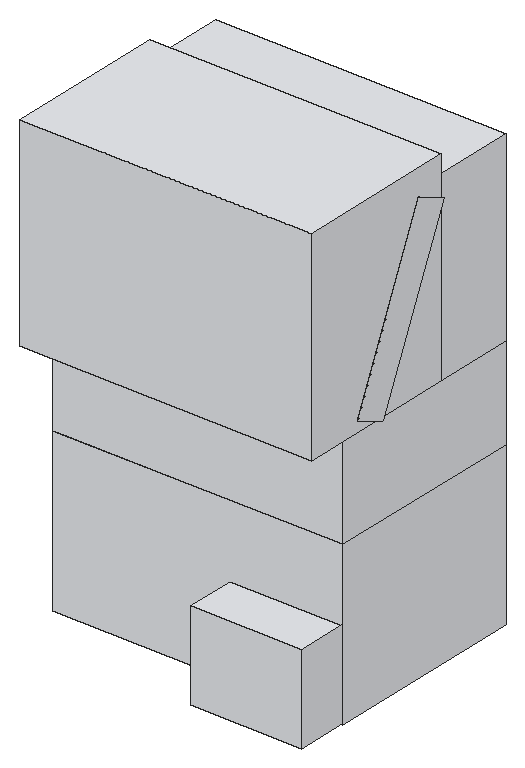
Revit family "cAssembly-Unico-M_Series-Vertical-Blower+Return-Down-Flow", category Mechanical Equipment, Revit 2020
Family settings
  Round Connector Dimension = Use Diameter
  Classification = None
  Part Type = Normal
  OmniClass Number = 23.75.70.00
  OmniClass Title = HVAC Distribution Devices
  Work Plane-Based = No
  Always vertical = Yes
  Cut with Voids When Loaded = No
  Shared = No
  Room Calculation Point = No
Parameters (values of type "M2430")
  Water Outlet Diameter = size_lookup(C LUT Cooling, "WCD", 1", Constraints)  # 7/8"
  Water Inlet Diameter = size_lookup(C LUT Cooling, "WCD", 1", Constraints)  # 7/8"
  Warranty URL = "https://www.unicosystem.com/wp-content/uploads/2022/08/Bulletin-10-010.pdf"
  Voltage [instance] = 208 V
  Video Link = "https://www.youtube.com/watch?v=aUAUzyZZRxY&themeRefresh=1"
  Vertical Downflow Conversio Kit Depth = size_lookup(C LUT VDC, "Depth", 1", Constraints)  # 7"
  Vertical Conversion Kit Height = size_lookup(C LUT VC, "Height", 1", Constraints)  # 8"
  Version = "2020 - v1.0a"  # constant formula
  URL = "https://www.unicosystem.com/"
  Support Phone [instance] = "(224) 699-9545"  # constant formula
  Support Email [instance] = "support@bimsmith.com"
  Return Module Height = size_lookup(C LUT RM, "Height", 1", Constraints)  # 13.96"
  Return Connection Length = (size_lookup(C LUT Return, "C", 1", Constraints)) + 1 1/2"  # 13"
  Product Page URL = "https://shop.unicosystem.com/indoor-units/modular-blowers"
  Product Documentation Link = ""
  Power Factor = 1  # constant formula
  Performance URL = "https://www.unicosystem.com/literature-media/"
  Optional Condensate Trap [instance] = yes
  Number of Poles = 1  # constant formula
  Model = size_lookup(C LUT Blower, "Model", "N/A", Constraints)  # "N/A"
  Manufacturer Phone Number = "314-481-9000"  # constant formula
  Manufacturer Fax Number = "314-457-9000"  # constant formula
  Manufacturer Email = "https://www.unicosystem.com/customer-%20support/"
  Manufacturer Address = "1120 Intagliata Drive Arnold, MO 63010"  # constant formula
  Manufacturer = "Unico, Inc."  # constant formula
  Load Classification = HVAC
  Keynote = "23 30 00"
  Instruction Sheet Link = "https://www.unicosystem.com/wp-content/uploads/2024/01/Bulletin-30-020.pdf"
  Inlet Connection Width = size_lookup(C LUT Blower, "Inlet Width", 1", Constraints)  # 23"
  Inlet Connection Height = size_lookup(C LUT Blower, "Inlet Height", 1", Constraints)  # 15 1/2"
  Frequency = 60 Hz  # constant formula
  Finish = Metal - Unico - Silver
  Duct Connection Diameter = size_lookup(C LUT Return, "DD", 1", Constraints)  # 14"
  Drain Connection Diameter = size_lookup(C LUT Cooling, "DD", 1", Constraints)  # 3/4"
  Description = "Blower Module"  # constant formula
  Default Elevation = 0"
  Copyright = "© 2022 The Unico System. All rights reserved."  # constant formula
  Cooling Module Width = size_lookup(C LUT Cooling, "Width", 1", Constraints)  # 13 3/4"
  Cooling Module Length = size_lookup(C LUT Cooling, "Length", 1", Constraints)  # 25"
  Cooling Module Height = size_lookup(C LUT Cooling, "Height", 1", Constraints)  # 17 1/2"
  Constraints = 2
  C VC Mid Depth = Blower Height / 2  # 8 3/4"
  C LUT VDC = "Size-VDC"  # constant formula
  C LUT VC = "Size-VC"  # constant formula
  C LUT Return = "Size-RC"  # constant formula
  C LUT RM = "Size-RM"  # constant formula
  C LUT Cooling = "Size-CM"  # constant formula
  C LUT Blower = "Size-Unico"  # constant formula
  C Drain Pan = 0"  # constant formula
  Blower Width = size_lookup(C LUT Blower, "Width", 1", Constraints)  # 13.93"
  Blower Length = size_lookup(C LUT Blower, "Length", 1", Constraints)  # 25"
  Blower Height = size_lookup(C LUT Blower, "Height", 1", Constraints)  # 17 1/2"
  Blower Connection Width = size_lookup(C LUT Blower, "Outlet Width", 1", Constraints)  # 6"
  Blower Connection Height = size_lookup(C LUT Blower, "Outlet Height", 1", Constraints)  # 6.38"
  Assembly Code = "D3040100"
  Apparent Load = 208 VA
  Alternate Control Box Location = 1 = 0  # no
Types (5): name | Water Outlet Diameter | Water Inlet Diameter | Vertical Conversion Kit Height | Return Module Height | Return Connection Length | Inlet Connection Width | Duct Connection Diameter | Drain Connection Diameter | Cooling Module Width | Cooling Module Length | Cooling Module Height | Constraints | Blower Width | Blower Length | Blower Connection Width
  (no name) | 7/8" | 7/8" | 8" | 13.96" | 13" | 23" | 14" | 3/4" | 13 3/4" | 25" | 17 1/2" | 2 | 13.93" | 25" | 6"
  M2430 | 7/8" | 7/8" | 8" | 13.96" | 13" | 23" | 14" | 3/4" | 13 3/4" | 25" | 17 1/2" | 2 | 13.93" | 25" | 6"
  M3036 | 7/8" | 7/8" | 6" | 13.77" | 13" | 28" | 16" | 3/4" | 13.8" | 30" | 17 1/2" | 3 | 13.91" | 30" | 7.24"
  M3642 | 7/8" | 7/8" | 6" | 13.96" | 12" | 36" | 18" | 3/4" | 13.8" | 38" | 17 1/2" | 4 | 13.93" | 38" | 7.16"
  M4860 | 1" | 1" | 6" | 13.96" | 16 1/2" | 36" | 20" | 1" | 1" | 1" | 1" | 5 | 13.91" | 38" | 9.92"
Reference planes (in)
  plane 1 "Center (Front/Back)": y = 0
  plane 2: z = 0
  plane 3 "Center (Left/Right)": x = 0
  plane 4: z = 39.43
  plane 5: z = 21.93
  plane 6: z = 13.93
  plane 7: y = 1.75
  plane 8: y = 8.75
  plane 9: y = -12.21
Dimensions and locks (in)
  "Blower Width": plane 6 to plane 2
  "Vertical Conversion Kit Height": plane 5 to plane 6
  "Cooling Module Height": plane 5 to plane 4
  "C VC Mid Depth": plane 8 to plane 1 "Center (Front/Back)"
  "Vertical Downflow Conversio Kit Depth": plane 8 to plane 7
  "Return Module Height": plane 7 to plane 9
  aligned and locked: plane 2 to level
  aligned and locked: plane 3 "Center (Left/Right)" to nested 1
  aligned and locked: plane 3 "Center (Left/Right)" to nested 2
  aligned and locked: level to nested 1
  aligned and locked: nested 2 to plane 6
  aligned and locked: plane 1 "Center (Front/Back)" to nested 2
  aligned and locked: plane 5 to nested 3
  aligned and locked: plane 8 to nested 3
  aligned and locked: nested 3 to plane 3 "Center (Left/Right)"
  aligned and locked: nested 4 to plane 5
  aligned and locked: nested 4 to plane 9
  aligned and locked: nested 4 to plane 3 "Center (Left/Right)"
Nested families (in)
  nested 1: "Nested - Geo" at (0, 8.75, 6.965) x (0, 0, 1) z (0, -1, 0), type "Default"
  nested 2: "Nested - VC" at (-12.5, -8.75, 13.93), type "Nested - VC"
    with Width 25", Depth 17 1/2"
  nested 3: "Nested - VDC" at (12.5, 8.75, 21.93) x (-1, 0, 0) z (0, 0, 1), type "Nested - VDC"
    with Width 25", Constraint 2, Ap Width 23 1/2"
  nested 4: "Nested - VR" at (-12.56, 1.75, 39.46) x (1, 0, 0) z (0, -1, 0), type "Nested - VR"
    with Width 25.12", Constraint 2
Connectors (in)
  hvac at (0.07, 4.56, 0.06), driven by "Blower Connection Width", driven by "Blower Connection Height"
    settings: on nested 1, index 1, duct flow 0 CFM, flow factor 0, pres drop 0.00 in-wg, loss coef 0, conn angle 0.00°, conn width 6.38", conn height 6", conn diameter 24", duct sys type 1, conn prof type 1, flow config 0, flow direction 2, loss method 0, conn ref index -1, conn util no, is conn primary yes, conn desc "Blower Out"
  electrical at (7.585, -13.04, 3.81), driven by "Number of Poles", driven by "Load Classification", driven by "Voltage", driven by "Apparent Load", driven by "Power Factor"
    settings: on nested 1, index 2, voltage 208 V, apparent load 0 VA, apparent load phase1 208 VA, apparent load phase2 0 VA, apparent load phase3 0 VA, power factor 1, load classification "HVAC", number of poles 1, system type 31, power factor state 1, is connector primary yes, connector utility no, sub classification motor no, connector description "Electrical Connector"
Definition of nested family "Nested - Geo"
  Parameters (values of type "Default")
    Width = size_lookup("Size-Unico", "Width", 1", Constraints)  # 13.93"
    Top CB = not(Front CB)  # yes
    Side Thickness = 1/8"  # constant formula
    Side CB = and(not(Constraints = 1), Alternate Location)  # no
    Length = size_lookup("Size-Unico", "Length", 1", Constraints)  # 25"
    Inlet Width = Length - 2 * Inlet Frame  # 23"
    Inlet Height = Height - 2 * Inlet Frame  # 15 1/2"
    Inlet Frame = 1"  # constant formula
    Height = size_lookup("Size-Unico", "Height", 1", Constraints)  # 17 1/2"
    Front CB = Constraints = 1  # no
    Finish = none
    Default Elevation = 48"
    Constraints = 2
    CB Width = size_lookup("Size-Unico", "CB Width", 1", Constraints)  # 7.62"
    CB Side Offset = Side Thickness  # 1/8"
    CB Length = size_lookup("Size-Unico", "CB Length", 1", Constraints)  # 9.58"
    CB Height Offset = if(Constraints = 1, 1", Side Thickness)  # 1/8"
    CB Height = size_lookup("Size-Unico", "CB Height", 1", Constraints)  # 4.29"
    CB Front Offset = if(Constraints = 1, Width / 2, Side Thickness + CB Width / 2)  # 3.935"
    Blower Width = size_lookup("Size-Unico", "Outlet Width", 1", Constraints)  # 6"
    Blower Side Offset = size_lookup("Size-Unico", "Blower Side Offset", 1", Constraints)  # 9.43"
    Blower Height = size_lookup("Size-Unico", "Outlet Height", 1", Constraints)  # 6.38"
    Blower Bottom Offset = size_lookup("Size-Unico", "Blower Bottom Offset", 1", Constraints)  # 1"
    Back CB = and(Constraints = 1, Alternate Location)  # no
    Alternate Location = no
  Reference planes (in)
    plane 1 "Center (Front/Back)": y = 0
    plane 2: z = 0
    plane 3 "Center (Left/Right)": x = 0
    plane 4: y = 12.5
    plane 5: x = 6.965
    plane 6: y = -12.5
    plane 7: x = -6.965
    plane 8: z = 17.5
    plane 9: x = 6.84
    plane 10: x = -6.84
    plane 11: y = -12.375
    plane 12: y = 12.375
    plane 13: z = 17.375
    plane 14: z = 0.125
    plane 15: z = 1.44
    plane 16: z = 8.75
  Forms (in)
    Extrusion 1, solid, material <- "Finish"
      sketch origin (0, 0, 0) x (1, 0, 0) y (0, 1, 0)
        loop
          line (-6.965, 12.5) -> (-6.965, -12.5) -> (6.965, -12.5) -> (6.965, 12.5) -> (-6.965, 12.5)
      from 0 to 0.125
    Extrusion 2, solid, material <- "Finish"
      sketch origin (0, 0, 0) x (1, 0, 0) y (0, 1, 0)
        loop
          line (-6.965, 12.5) -> (-6.965, -12.5) -> (6.965, -12.5) -> (6.965, 12.5) -> (-6.965, 12.5)
      from 17.375 to 17.5
    Extrusion 3, solid, material <- "Finish"
      sketch origin (0, 0, 0) x (1, 0, 0) y (0, 1, 0)
        loop
          line (-6.84, 12.375) -> (-6.84, -12.375) -> (6.84, -12.375) -> (6.84, 12.375) -> (-6.84, 12.375)
        loop
          line (6.965, -12.5) -> (6.965, 12.5) -> (-6.965, 12.5) -> (-6.965, -12.5) -> (6.965, -12.5)
      from 0.125 to 17.375
    Extrusion 4, void
      sketch origin (6.965, 30.98764, 48) x (0, 1, 0) y (0, 0, 1)
        loop
          line (-42.48764, -31.5) -> (-42.48764, -47) -> (-19.48764, -47) -> (-19.48764, -31.5) -> (-42.48764, -31.5)
      from 0 to -0.0625
    Extrusion 5, void
      sketch origin (-6.965, 30.98764, 48) x (0, 1, 0) y (0, 0, 1)
        loop
          line (-28.05764, -47) -> (-28.05764, -40.62) -> (-34.05764, -40.62) -> (-34.05764, -47) -> (-28.05764, -47)
      from 0 to 0.06
  Cuts and joins
    Extrusion 5 cuts Extrusion 1
    Extrusion 4, Extrusion 5 cuts Extrusion 2
    Extrusion 4, Extrusion 5 cuts Extrusion 3
    joined: Extrusion 1, Extrusion 2, Extrusion 3
  Lines and regions (in)
    reference lines
      curve 1: line (0, -17.84438, 16.5) -> (0, 18.65958, 16.5)
      curve 2: line (0, 11.5, 21.4046) -> (0, 11.5, -3.99247)
      curve 3: line (0, -17.84438, 1) -> (0, 16.65958, 1)
      curve 4: line (0, -11.5, 20.85454) -> (0, -11.5, -3.99247)
      curve 5: line (0, -3.07, 21.62212) -> (0, -3.07, -1.77495)
      curve 6: line (0, 2.93, 22.64366) -> (0, 2.93, -2.25341)
      curve 7: line (0, 18.79175, 7.38) -> (0, -24.46221, 7.38)
      curve 8: line (0, 19.69542, 1) -> (0, -23.30855, 1)
      curve 9: line (-3.03, 21.56055, 0) -> (-3.03, -25.94341, 0)
      curve 10: line (-3.09044, 0, 34.43161) -> (-3.09044, 0, -4.46546)
      curve 11: line (-18.109, -12.375, 0) -> (19.65049, -12.375, 0)
      curve 12: line (-23.26251, 0, 17.375) -> (13.74697, 0, 17.375)
  Dimensions and locks (in)
    equal spacing: plane 7, plane 3 "Center (Left/Right)", plane 5
    equal spacing: plane 4, plane 1 "Center (Front/Back)", plane 6
    "Width": plane 7 to plane 5
    "Length": plane 6 to plane 4
    "Height": plane 8 to level
    "Side Thickness": plane 4 to plane 12
    "Side Thickness": plane 6 to plane 11
    "Side Thickness": plane 9 to plane 5
    "Side Thickness": plane 7 to plane 10
    "Side Thickness": plane 14 to level
    "Side Thickness": plane 8 to plane 13
    "Inlet Frame": plane 6 to curve 4
    "Inlet Frame": curve 3 to level
    "Inlet Height": curve 3 to curve 1
    "Inlet Width": curve 4 to curve 2
    "Blower Bottom Offset": curve 8 to level
    "Blower Height": curve 8 to curve 7
    "Blower Side Offset": curve 5 to plane 6
    "Blower Width": curve 6 to curve 5
    "CB Front Offset": plane 7 to curve 9
    "CB Side Offset": plane 6 to curve 11
    "CB Height Offset": plane 8 to curve 12
    locked: plane 15 to curve 11 at 1.44
    equal spacing: plane 8, plane 16, level
    aligned and locked: plane 2 to level
    aligned and locked: Extrusion 1 sketch curve to plane 4
    aligned and locked: plane 7 to Extrusion 1 sketch curve
    aligned and locked: Extrusion 1 sketch curve to plane 6
    aligned and locked: Extrusion 1 sketch curve to plane 5
    aligned and locked: Extrusion 1 to level
    aligned and locked: plane 14 to Extrusion 1
    aligned and locked: Extrusion 2 sketch curve to plane 4
    aligned and locked: plane 7 to Extrusion 2 sketch curve
    aligned and locked: Extrusion 2 sketch curve to plane 6
    aligned and locked: Extrusion 2 sketch curve to plane 5
    aligned and locked: plane 8 to Extrusion 2
    aligned and locked: Extrusion 2 to plane 13
    aligned and locked: Extrusion 3 sketch curve to plane 12
    aligned and locked: plane 10 to Extrusion 3 sketch curve
    aligned and locked: plane 11 to Extrusion 3 sketch curve
    aligned and locked: Extrusion 3 sketch curve to plane 9
    aligned and locked: Extrusion 3 sketch curve to plane 6
    aligned and locked: Extrusion 3 sketch curve to plane 5
    aligned and locked: Extrusion 3 sketch curve to plane 4
    aligned and locked: plane 7 to Extrusion 3 sketch curve
    aligned and locked: Extrusion 3 to plane 14
    aligned and locked: plane 13 to Extrusion 3
    aligned and locked: curve 1 to Extrusion 4 sketch curve
    aligned and locked: Extrusion 4 sketch curve to curve 4
    aligned and locked: Extrusion 4 sketch curve to curve 3
    aligned and locked: curve 2 to Extrusion 4 sketch curve
    aligned and locked: curve 8 to Extrusion 5 sketch curve
    aligned and locked: curve 6 to Extrusion 5 sketch curve
    aligned and locked: Extrusion 5 sketch curve to curve 7
    aligned and locked: Extrusion 5 sketch curve to curve 5
    aligned and locked: curve 11 to nested 1
    aligned and locked: plane 7 to nested 1
    aligned and locked: plane 15 to nested 2
    aligned and locked: nested 2 to plane 3 "Center (Left/Right)"
  Automatic sketch dimensions
    plane 6 to curve 3 = 5.34438"
    plane 6 to curve 1 = 5.34438"
    curve 8 to curve 3 = 5.46416"
    curve 7 to curve 8 = 1.15367"
    plane 4 to curve 3 = 4.15958"
    plane 4 to curve 1 = 6.15958"
    plane 4 to curve 7 = 6.29175"
    curve 3 to curve 8 = 3.03584"
    curve 5 to level = 1.77495"
    curve 6 to level = 2.25341"
    curve 4 to level = 3.99247"
    curve 2 to level = 3.99247"
    plane 8 to curve 4 = 3.35454"
    plane 8 to curve 2 = 3.9046"
    plane 8 to curve 5 = 4.12212"
    plane 8 to curve 6 = 5.14366"
    curve 11 to plane 7 = 11.144"
    plane 5 to curve 11 = 12.68549"
    plane 6 to curve 9 = 13.44341"
    plane 4 to curve 9 = 9.06055"
    curve 12 to plane 7 = 16.29751"
    curve 10 to plane 3 "Center (Left/Right)" = 3.09044"
    plane 5 to curve 12 = 6.78197"
    curve 10 to level = 4.46546"
    plane 8 to curve 10 = 16.93161"
  Nested families (in)
    nested 1: "Nested - CB" at (-6.965, -12.375, 17.5), visible <- "Top CB", type "Default"
      with Width 7.62", Length 9.58", Height 4.29"
    nested 2: "Nested - CB" at (4.79, -12.5, 1.44) x (0, 0, 1) z (0, -1, 0), visible <- "Front CB", type "Default"
      with Width 7.62", Length 9.58", Height 4.29"
  Definition of nested family "Nested - CB"
    Parameters (values of type "Family2")
      Width = 8.75314"
      Length = 10.69303"
      Height = 6.06043"
      Finish = none
      Default Elevation = 48"
    Reference planes (in)
      plane 1 "Center (Front/Back)": y = 0
      plane 2: z = 0
      plane 3 "Center (Left/Right)": x = 0
      plane 4: y = 10.69303
      plane 5: x = 8.75314
      plane 6: z = 6.06043
      plane 7: x = 4.37657
      plane 8: y = 5.34651
    Forms (in)
      Extrusion 1, solid, material <- "Finish"
        sketch origin (0, 0, 0) x (1, 0, 0) y (0, 1, 0)
          loop
            line (0, 0) -> (8.75314, 0) -> (8.75314, 10.69303) -> (0, 10.69303) -> (0, 0)
        from 0 to 6.06043
    Dimensions and locks (in)
      "Length": plane 1 "Center (Front/Back)" to plane 4
      "Width": plane 3 "Center (Left/Right)" to plane 5
      "Height": plane 6 to level
      equal spacing: plane 3 "Center (Left/Right)", plane 7, plane 5
      equal spacing: plane 1 "Center (Front/Back)", plane 8, plane 4
      aligned and locked: plane 2 to level
      aligned and locked: plane 1 "Center (Front/Back)" to Extrusion 1 sketch curve
      aligned and locked: Extrusion 1 sketch curve to plane 3 "Center (Left/Right)"
      aligned and locked: plane 4 to Extrusion 1 sketch curve
      aligned and locked: plane 5 to Extrusion 1 sketch curve
      aligned and locked: plane 6 to Extrusion 1
Definition of nested family "Nested - VC"
  Parameters (values of type "Nested - VC")
    Width = 29"
    Side Thickness = 1"  # constant formula
    Height = size_lookup("Size-VC", "Height", 10", Constraint)  # 8"
    Finish = none
    Depth = 19"
    Default Elevation = 0"
    Constraint = 2
  Reference planes (in)
    plane 1 "Center (Front/Back)": y = 0
    plane 2: z = 0
    plane 3 "Center (Left/Right)": x = 0
    plane 4: y = 19
    plane 5: x = 29
    plane 6: z = 8
    plane 7: y = 9.5
    plane 8: x = 14.5
  Forms (in)
    Extrusion 1, solid, material <- "Finish"
      sketch origin (0, 0, 0) x (1, 0, 0) y (0, 1, 0)
        loop
          line (0, 19) -> (0, 0) -> (29, 0) -> (29, 19) -> (0, 19)
        loop
          line (1, 18) -> (1, 1) -> (28, 1) -> (28, 18) -> (1, 18)
      from 0 to 8
  Dimensions and locks (in)
    "Depth": plane 1 "Center (Front/Back)" to plane 4
    "Width": plane 3 "Center (Left/Right)" to plane 5
    "Height": plane 6 to plane 2
    "Side Thickness": plane 3 "Center (Left/Right)" to Extrusion 1 sketch curve
    "Side Thickness": plane 1 "Center (Front/Back)" to Extrusion 1 sketch curve
    "Side Thickness": plane 4 to Extrusion 1 sketch curve
    "Side Thickness": Extrusion 1 sketch curve to plane 5
    equal spacing: plane 3 "Center (Left/Right)", plane 8, plane 5
    equal spacing: plane 1 "Center (Front/Back)", plane 7, plane 4
    aligned and locked: plane 2 to level
    aligned and locked: Extrusion 1 sketch curve to plane 4
    aligned and locked: plane 3 "Center (Left/Right)" to Extrusion 1 sketch curve
    aligned and locked: Extrusion 1 sketch curve to plane 1 "Center (Front/Back)"
    aligned and locked: Extrusion 1 sketch curve to plane 5
    aligned and locked: plane 6 to Extrusion 1
    aligned and locked: Extrusion 1 to level
Definition of nested family "Nested - VDC"
  Parameters (values of type "Nested - VDC")
    Width = size_lookup("Size-VDC", "Width", 10", Constraint)  # 38"
    Side Thickness = 1/8"  # constant formula
    Height = size_lookup("Size-VDC", "Height", 10", Constraint)  # 16"
    Finish = none
    Depth = size_lookup("Size-VDC", "Depth", 10", Constraint)  # 7"
    Default Elevation = 48"
    Constraint = 4
    Ap Width = size_lookup("Size-VDC", "Ap Width", 10", Constraint)  # 36 1/2"
    Ap Height = size_lookup("Size-VDC", "Ap Height", 10", Constraint)  # 15.3"
  Reference planes (in)
    plane 1 "Center (Front/Back)": y = 0
    plane 2: z = 0
    plane 3 "Center (Left/Right)": x = 0
    plane 4: y = 7
    plane 5: x = 38
    plane 6: z = 16
    plane 7: y = 0.125
    plane 8: x = 19
  Forms (in)
    Extrusion 1, solid, material <- "Finish"
      sketch origin (0, 0, 0) x (1, 0, 0) y (0, 1, 0)
        loop
          line (38, 0) -> (38, 7) -> (0, 7) -> (0, 0) -> (38, 0)
      from 0 to 16
    Extrusion 2, void
      sketch origin (0, 0, 0) x (1, 0, 0) y (0, 0, 1)
        loop
          line (37.25, 0) -> (37.25, 15.3) -> (0.75, 15.3) -> (0.75, 0) -> (37.25, 0)
      from -7 to -0.125
  Cuts and joins
    Extrusion 2 cuts Extrusion 1
  Dimensions and locks (in)
    "Side Thickness": plane 1 "Center (Front/Back)" to plane 7
    "Ap Height": Extrusion 2 sketch curve to plane 2
    equal spacing: plane 5, plane 8, plane 3 "Center (Left/Right)"
    equal spacing: Extrusion 2 sketch curve, plane 8, Extrusion 2 sketch curve
    "Ap Width": Extrusion 2 sketch curve to Extrusion 2 sketch curve
    "Depth": plane 1 "Center (Front/Back)" to plane 4
    "Width": plane 3 "Center (Left/Right)" to plane 5
    "Height": plane 6 to plane 2
    aligned and locked: plane 2 to level
    aligned and locked: Extrusion 1 sketch curve to plane 1 "Center (Front/Back)"
    aligned and locked: Extrusion 1 sketch curve to plane 5
    aligned and locked: Extrusion 1 sketch curve to plane 4
    aligned and locked: plane 3 "Center (Left/Right)" to Extrusion 1 sketch curve
    aligned and locked: Extrusion 1 to plane 6
    aligned and locked: level to Extrusion 2 sketch curve
    aligned and locked: plane 4 to Extrusion 2
    aligned and locked: Extrusion 2 to plane 7
Definition of nested family "Nested - VR"
  Parameters (values of type "Nested - VR")
    Width = size_lookup("Size-RM", "Width", 10", Constraint)  # 39.12"
    Side Thickness = 1"  # constant formula
    Height = size_lookup("Size-RM", "Height", 10", Constraint)  # 13.96"
    Finish = none
    Depth = size_lookup("Size-RM", "Depth", 10", Constraint)  # 17.53"
    Default Elevation = 48"
    Constraint = 4
  Reference planes (in)
    plane 1 "Center (Front/Back)": y = 0
    plane 2: z = 0
    plane 3 "Center (Left/Right)": x = 0
    plane 4: y = 17.53
    plane 5: x = 39.12
    plane 6: z = 13.96
    plane 7: y = 8.765
    plane 8: x = 19.56
    plane 9: y = 4.024
    plane 10: y = 16.476
    plane 11: x = 1
    plane 12: x = 38.12
  Forms (in)
    Extrusion 1, solid, material <- "Finish"
      sketch origin (0, 0, 0) x (1, 0, 0) y (0, 1, 0)
        loop
          line (0, 17.53) -> (0, 0) -> (39.12, 0) -> (39.12, 17.53) -> (0, 17.53)
      from 0 to 13.96
    Extrusion 2, void
      sketch origin (0, 0, 0) x (0, 1, 0) y (0, 0, 1)
        loop
          line (16.476, 5.68258) -> (4.024, 0) -> (16.476, 0) -> (16.476, 5.68258)
      from 1 to 38.12
    Extrusion 3, solid, material <- "Finish"
      sketch origin (0, 0, 0) x (0, 1, 0) y (0, 0, -1)
        loop
          line (16.52407, -9.11234) -> (17.74297, -6.44143) -> (3.35991, 0.1224) -> (2.14102, -2.54851) -> (16.52407, -9.11234)
      from 0 to 0.1
    Extrusion 4, solid, material <- "Finish"
      sketch origin (39.12, 17.53, 0) x (0, -1, 0) y (0, 0, -1)
        loop
          line (1.00593, -9.11234) -> (15.38898, -2.54851) -> (14.17009, 0.1224) -> (-0.21297, -6.44143) -> (1.00593, -9.11234)
      from 0 to 0.1
  Cuts and joins
    Extrusion 2 cuts Extrusion 1
  Lines and regions (in)
    reference lines
      curve 1: line (0, 4.024, 0) -> (0, 5.09917, 0.49066)
  Dimensions and locks (in)
    "Depth": plane 1 "Center (Front/Back)" to plane 4
    "Width": plane 3 "Center (Left/Right)" to plane 5
    "Height": plane 6 to plane 2
    equal spacing: plane 3 "Center (Left/Right)", plane 8, plane 5
    equal spacing: plane 1 "Center (Front/Back)", plane 7, plane 4
    "Side Thickness": plane 11 to plane 3 "Center (Left/Right)"
    "Side Thickness": plane 5 to plane 12
    locked: curve 1 to plane 2 (angle 24.53°)
    aligned and locked: plane 2 to level
    aligned and locked: Extrusion 1 sketch curve to plane 4
    aligned and locked: plane 3 "Center (Left/Right)" to Extrusion 1 sketch curve
    aligned and locked: Extrusion 1 sketch curve to plane 1 "Center (Front/Back)"
    aligned and locked: Extrusion 1 sketch curve to plane 5
    aligned and locked: plane 6 to Extrusion 1
    aligned and locked: plane 9 to curve 1
    aligned and locked: plane 2 to curve 1
    aligned and locked: plane 10 to Extrusion 2 sketch curve
    aligned and locked: Extrusion 2 sketch curve to curve 1
    aligned and locked: level to Extrusion 2 sketch curve
    aligned and locked: Extrusion 2 to plane 11
    aligned and locked: plane 12 to Extrusion 2
  Automatic sketch dimensions
    Extrusion 4 sketch curve to Extrusion 1 = 0.21297"
    Extrusion 1 to Extrusion 4 sketch curve = 1.00593"
    Extrusion 4 sketch curve to Extrusion 1 = 0.1224"
    Extrusion 1 to Extrusion 4 sketch curve = 3.35991"
    Extrusion 4 sketch curve to Extrusion 4 sketch curve = 2.67091"
    Extrusion 3 sketch curve to Extrusion 1 = 2.14102"
    Extrusion 3 sketch curve to Extrusion 1 = 0.1224"
    Extrusion 3 sketch curve to Extrusion 3 sketch curve = 1.21889"
    Extrusion 1 to Extrusion 3 sketch curve = 1.00593"
    Extrusion 3 sketch curve to Extrusion 3 sketch curve = 2.67091"
